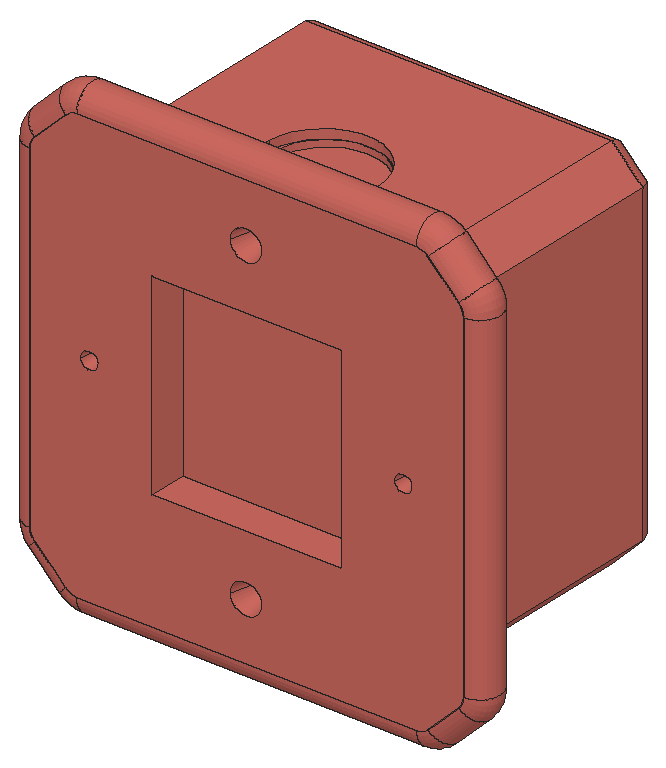
Revit family "Sirene Audiovisual SAVQI ILUMAC", category Dispositivos de alarme de incêndio, Revit 2022
Family settings
  Cota do conector redondo = Utilizar diâmetro
  Tipo de parte = Normal
  Número OmniClass = 23.75.00.00
  Título OmniClass = Climate Control (HVAC)
  Com base no plano de trabalho = Não
  Sempre na vertical = Sim
  Corte com vazios quando carregada = Não
  Manter orientação da anotação = Não
  Compartilhado = Não
  Ponto de cálculo do ambiente = Não
Parameters (values of type "SAVQI-G - SOBREPOR")
  Umidade relativa = "0 à 95% (sem condensação)"
  Tensão nominal = "24Vcc"
  Tensão de operação = "20 à 30Vcc"
  Temperatura de operação = "-5ºC à 55ºC"
  Sinalização visual = "4 leds | Pisca na cor vermelha"
  Sinalização sonora = "103dB @ 1m – bitonal"
  Secção máxima do cabo = "2,5mm²"
  Protocolo de comunicação = "CYGNUS (proprietário)"
  Peso = "200g"
  Normas técnicas aplicáveis = "NBR 17240 | ISO 7240-3 | ISO 7240-23"
  Modelo = "SAVQI-G – SOBREPOR"
  Material da caixa = "Caixa plástica ABS na cor vermelho"
  Grau de proteção = "IP20 (uso interno)"
  Fixação = "Sobrepor c/ entrada superior/inferior para tubo 3/4“"
  Família desenvolvida por = "BIMPREV | @bimprev | suporte@bimprev.com"
  Fabricante = "ILUMAC"
  Esc. Símbolo - 1/50-75 [instance] = yes
  Esc. Símbolo - 1/100-200 [instance] = yes
  Endereços utilizados = "1 endereço"
  Endereços programáveis = "001 a 125 (por laço)"
  Elevação padrão = 0 mm
  Dimensões (AxLxP) = "90x90x65mm"
  Descrição = "Sirene Audiovisual Endereçável Cygnus SAVQI-G de sobrepor"
  Código do Produto = "0030017"
  Consumo do laço endereçável = ""
  Consumo = "800uA em supervisão | 8mA em alarme (±10%)"
  Adaptador ADAPT-Q (com/sem) = yes
Types (4, lengths in mm): name | Tensão de operação | Protocolo de comunicação | Modelo | Fixação | Descrição | Código do Produto | Consumo do laço endereçável | Consumo | Adaptador ADAPT-Q (com/sem)
  SAVQI-D – SOBREPOR | "18 à 30Vcc" | "ALF-1000-2 (proprietário)" | "SAVQI-D – SOBREPOR" | "Sobrepor c/ entrada superior/inferior para tubo 3/4“" | "Sirene Audiovisual Endereçável Sirius SAVQI-D de sobrepor" | "0040017" | "300uA em supervisão | 10mA em alarme" | "12mA em alarme" | no
  SAVQI-D – EMBUTIR | "18 à 30Vcc" | "ALF-1000-2 (proprietário)" | "SAVQI-D – EMBUTIR" | "Embutido c/ o uso do acessório ADAPT-Q" | "Sirene Audiovisual Endereçável Sirius SAVQI-D de embutir" | "0040018" | "300uA em supervisão | 10mA em alarme" | "12mA em alarme" | yes
  SAVQI-G - EMBUTIR | "20 à 30Vcc" | "CYGNUS (proprietário)" | "SAVQI-G – EMBUTIR" | "Embutido c/ o uso do acessório ADAPT-Q" | "Sirene Audiovisual Endereçável Cygnus SAVQI-G de embutir" | "0030018" | "" | "800uA em supervisão | 8mA em alarme (±10%)" | yes
  SAVQI-G - SOBREPOR | "20 à 30Vcc" | "CYGNUS (proprietário)" | "SAVQI-G – SOBREPOR" | "Sobrepor c/ entrada superior/inferior para tubo 3/4“" | "Sirene Audiovisual Endereçável Cygnus SAVQI-G de sobrepor" | "0030017" | "" | "800uA em supervisão | 8mA em alarme (±10%)" | yes
Reference planes
  plane 1 "Centro (Frente/Trás)": y = 0
  plane 2: z = 0
  plane 3 "Centro (Esquerda/Direita)": x = 0
  plane 4: y = 14.353
Forms (mm)
  Extrusion 1, void
    sketch origin (-38.044, 0, 1.384) x (-1, 0, 0) y (0, -1, 0)
      loop
        line (-24.544, 0) -> (-51.544, 0) -> (-51.544, -14.013)
        arc (-51.544, -14.013) -> (-38.044, -27.513) -> (-24.544, -14.013) r 13.5
        line (-24.544, -14.013) -> (-24.544, 0)
    from -0.414 to 0.677
  Extrusion 2, void
    sketch origin (38.018, -0.563, 91.384) x (0, -1, 0) y (-1, 0, 0)
      loop
        line (0, 24.518) -> (0, 51.518) -> (-14.211, 51.518)
        arc (-14.211, 51.518) -> (-27.416, 38.018) -> (-14.211, 24.518) r 13.503
        line (-14.211, 24.518) -> (0, 24.518)
    from -1.476 to 0.727
  Extrusion 3, solid, material "Laminado, Branco", detail levels fine
    sketch origin (-14.559, 59.437, -0.179) x (1, 0, 0) y (0, 0, -1)
      loop
        line (53.048, -55.563) -> (51.278, -55.563) -> (51.278, -58.76) -> (47.634, -58.76) -> (47.634, -60.173) -> (51.278, -60.173) -> (51.278, -61.151) -> (47.634, -61.151) -> (47.634, -62.733) -> (53.048, -62.733) -> (53.048, -55.563)
      loop
        circle (50.732, -49.978) r 3.585
      loop
        circle (50.732, -49.978) r 2.496
      loop
        circle (50.732, -31.638) r 3.585
      loop
        circle (50.732, -31.638) r 2.496
      loop
        arc (47.425, -42.193) -> (53.716, -42.794) -> (50.732, -37.223) r 3.585
        spline (50.732, -37.223) -> (50.365, -37.229) -> (50.018, -37.248) -> (49.691, -37.278) -> (49.384, -37.321) -> (49.096, -37.376) -> (48.828, -37.442) -> (48.58, -37.522) -> (48.351, -37.613) -> (48.143, -37.716) -> (47.953, -37.832) -> (47.784, -37.96) -> (47.634, -38.1)
        line (47.634, -38.1) -> (47.634, -40.808) -> (49.965, -40.808) -> (49.965, -39.809)
        spline (49.965, -39.809) -> (49.702, -39.814) -> (49.474, -39.803) -> (49.279, -39.776) -> (49.119, -39.732) -> (48.993, -39.671) -> (48.901, -39.594) -> (48.842, -39.501) -> (48.819, -39.39) -> (48.829, -39.263) -> (48.873, -39.12) -> (48.951, -38.96) -> (49.064, -38.783)
        line (49.064, -38.783) -> (50.551, -38.319)
        arc (50.551, -38.319) -> (52.43, -41.639) -> (48.655, -42.193) r 2.312
        line (48.655, -42.193) -> (47.425, -42.193)
      loop
        line (-18.864, -55.563) -> (-20.634, -55.563) -> (-20.634, -58.76) -> (-24.277, -58.76) -> (-24.277, -60.173) -> (-20.634, -60.173) -> (-20.634, -61.151) -> (-24.277, -61.151) -> (-24.277, -62.733) -> (-18.864, -62.733) -> (-18.864, -55.563)
      loop
        circle (-21.18, -49.978) r 3.585
      loop
        circle (-21.18, -49.978) r 2.496
      loop
        circle (-21.18, -31.638) r 3.585
      loop
        circle (-21.18, -31.638) r 2.496
      loop
        arc (-24.487, -42.193) -> (-18.195, -42.794) -> (-21.18, -37.223) r 3.585
        spline (-21.18, -37.223) -> (-21.547, -37.229) -> (-21.894, -37.248) -> (-22.221, -37.278) -> (-22.528, -37.321) -> (-22.816, -37.376) -> (-23.084, -37.442) -> (-23.332, -37.522) -> (-23.56, -37.613) -> (-23.769, -37.716) -> (-23.958, -37.832) -> (-24.128, -37.96) -> (-24.277, -38.1)
        line (-24.277, -38.1) -> (-24.277, -40.808) -> (-21.947, -40.808) -> (-21.947, -39.809)
        spline (-21.947, -39.809) -> (-22.21, -39.814) -> (-22.438, -39.803) -> (-22.633, -39.776) -> (-22.793, -39.732) -> (-22.919, -39.671) -> (-23.011, -39.594) -> (-23.069, -39.501) -> (-23.093, -39.39) -> (-23.083, -39.263) -> (-23.039, -39.12) -> (-22.961, -38.96) -> (-22.848, -38.783)
        line (-22.848, -38.783) -> (-21.361, -38.319)
        arc (-21.361, -38.319) -> (-19.482, -41.639) -> (-23.256, -42.193) r 2.312
        line (-23.256, -42.193) -> (-24.487, -42.193)
    from 0 to 1
  Extrusion 4, solid, material "Laminado, Branco", detail levels fine
    sketch origin (-0.313, 61.437, 54.83) x (0, 0, -1) y (-1, 0, 0)
      loop
        spline (-10.835, -10.668) -> (-7.618, -11.531) -> (-4.563, -12.027) -> (-1.664, -12.173) -> (1.084, -11.985) -> (3.683, -11.479) -> (6.14, -10.672) -> (8.459, -9.579) -> (10.645, -8.217) -> (12.701, -6.603) -> (14.633, -4.751) -> (16.446, -2.679) -> (18.143, -0.403)
        spline (18.143, -0.403) -> (16.45, 1.867) -> (14.642, 3.934) -> (12.715, 5.78) -> (10.664, 7.391) -> (8.484, 8.749) -> (6.172, 9.839) -> (3.721, 10.644) -> (1.128, 11.149) -> (-1.612, 11.336) -> (-4.504, 11.191) -> (-7.551, 10.696) -> (-10.76, 9.836)
        spline (-10.76, 9.836) -> (-10.897, 8.127) -> (-11.011, 6.418) -> (-11.101, 4.71) -> (-11.167, 3.001) -> (-11.209, 1.292) -> (-11.227, -0.416) -> (-11.222, -2.125) -> (-11.192, -3.834) -> (-11.139, -5.542) -> (-11.061, -7.251) -> (-10.96, -8.959) -> (-10.835, -10.668)
      loop
        circle (-4.732, 0.384) r 4.161
      loop
        circle (-4.654, 0.384) r 3.307
      loop
        spline (-9.584, -9.744) -> (-6.603, -10.562) -> (-3.789, -11.035) -> (-1.136, -11.184) -> (1.367, -11.028) -> (3.728, -10.584) -> (5.957, -9.867) -> (8.064, -8.888) -> (10.058, -7.658) -> (11.949, -6.189) -> (13.739, -4.493) -> (15.43, -2.583) -> (17.025, -0.47)
        spline (17.025, -0.47) -> (15.406, 1.578) -> (13.695, 3.431) -> (11.889, 5.078) -> (9.988, 6.508) -> (7.988, 7.709) -> (5.88, 8.671) -> (3.656, 9.384) -> (1.306, 9.837) -> (-1.178, 10.018) -> (-3.805, 9.911) -> (-6.581, 9.498) -> (-9.516, 8.762)
        spline (-9.516, 8.762) -> (-9.64, 7.22) -> (-9.743, 5.678) -> (-9.824, 4.136) -> (-9.883, 2.594) -> (-9.921, 1.051) -> (-9.938, -0.491) -> (-9.932, -2.033) -> (-9.906, -3.575) -> (-9.858, -5.117) -> (-9.788, -6.659) -> (-9.697, -8.201) -> (-9.584, -9.744)
      loop
        line (-0.652, 6.725) -> (-1.206, 4.912) -> (-0.002, 4.589) -> (-0.002, -5.556)
        spline (-0.002, -5.556) -> (0.713, -5.041) -> (1.222, -4.85) -> (1.615, -4.805) -> (2.076, -4.835) -> (2.701, -4.9) -> (3.464, -5.009) -> (4.325, -5.176) -> (5.25, -5.406) -> (6.249, -5.648) -> (7.359, -5.812) -> (8.613, -5.811) -> (10.048, -5.556)
        spline (10.048, -5.556) -> (10.562, -5.39) -> (11.069, -5.17) -> (11.567, -4.899) -> (12.057, -4.577) -> (12.538, -4.207) -> (13.01, -3.789) -> (13.471, -3.326) -> (13.922, -2.819) -> (14.361, -2.27) -> (14.788, -1.68) -> (15.204, -1.05) -> (15.606, -0.383)
        spline (15.606, -0.383) -> (14.678, 0.998) -> (13.685, 2.255) -> (12.626, 3.383) -> (11.499, 4.375) -> (10.303, 5.226) -> (9.031, 5.93) -> (7.674, 6.483) -> (6.225, 6.879) -> (4.675, 7.113) -> (3.017, 7.173) -> (1.244, 7.048) -> (-0.652, 6.725)
      loop
        spline (1.469, -3.781) -> (2.345, -3.697) -> (3.147, -3.727) -> (3.874, -3.834) -> (4.525, -3.981) -> (5.107, -4.138) -> (5.643, -4.296) -> (6.164, -4.446) -> (6.695, -4.582) -> (7.271, -4.692) -> (7.951, -4.752) -> (8.802, -4.728) -> (9.894, -4.59)
        spline (9.894, -4.59) -> (10.122, -4.585) -> (10.339, -4.558) -> (10.545, -4.509) -> (10.74, -4.438) -> (10.925, -4.345) -> (11.098, -4.229) -> (11.261, -4.091) -> (11.413, -3.931) -> (11.554, -3.749) -> (11.684, -3.545) -> (11.803, -3.318) -> (11.911, -3.069)
        line (11.911, -3.069) -> (11.778, 2.929)
        arc (11.778, 2.929) -> (10.568, 3.311) -> (9.947, 2.203) r 1.006
        arc (9.947, 2.203) -> (8.779, 1.555) -> (7.445, 1.493) r 2.929
        line (7.445, 1.493) -> (2.711, 2.369)
        arc (2.711, 2.369) -> (1.848, 2.144) -> (1.469, 1.336) r 1.051
        line (1.469, 1.336) -> (1.469, -3.781)
    from 0 to 1
  Extrusion 5, solid, material "vidro vermelho", detail levels fine
    sketch origin (29.831, 145.344, 6.607) x (0, 1, 0) y (0, 0, -1)
      loop
        line (-100.417, -17.113) -> (-83.567, -17.113) -> (-77.609, -9.352)
        arc (-77.609, -9.352) -> (-76.65, -6.511) -> (-77.94, -3.804) r 3.99
        line (-77.94, -3.804) -> (-85.369, 2.431)
        arc (-85.369, 2.431) -> (-88.888, 5.501) -> (-93.424, 6.607) r 9.858
        line (-93.424, 6.607) -> (-100.417, 6.607) -> (-100.417, -17.113)
    from -1.893 to 61.925
  Extrusion 6, void
    sketch origin (0, 54.815, 46.384) x (-1, 0, 0) y (0, 0, -1)
      loop
        line (-29.831, 25.98) -> (30.114, 25.98) -> (30.114, 46.384) -> (-29.831, 46.384) -> (-29.831, 25.98)
    from 0 to 17.341
  Sweep 7, solid, material "ABS PLASTICO", detail levels fine
    path origin (-0.006, 60, 47.915) x (1, 0, 0) y (0, 0, -1)
      loop
        line (37.012, 47) -> (-37, 47) -> (-45, 39) -> (-45, -37) -> (-37, -45) -> (37.012, -45) -> (44.642, -37.37) -> (44.642, 39.37) -> (37.012, 47)
    profile origin (0, 60, 0.914) x (0, 0, 1) y (0, 1, 0)
      loop
        line (12.912, -0.563) -> (6.245, -0.563)
        arc (6.245, -0.563) -> (2.205, -2.033) -> (0.055, -5.756) r 6.285
        line (0.055, -5.756) -> (0.055, -60) -> (12.912, -60) -> (12.912, -0.563)
  Sweep 8, solid, material "ABS PLASTICO", detail levels fine
    path origin (-0.006, 60, 47.915) x (1, 0, 0) y (0, 0, -1)
      loop
        line (-25.765, -22.088) -> (25.777, -22.088) -> (25.777, 15.853) -> (-25.765, 15.853) -> (-25.765, -22.088)
    profile origin (0, 60, 70.003) x (0, 0, -1) y (0, 1, 0)
      loop
        line (5.055, 0.8) -> (3.055, 0.8)
        arc (3.055, 0.8) -> (0.934, -0.079) -> (0.055, -2.2) r 3
        line (0.055, -2.2) -> (0.055, -3.611)
        arc (0.055, -3.611) -> (0.934, -5.732) -> (3.055, -6.611) r 3
        line (3.055, -6.611) -> (5.055, -6.611) -> (5.055, 0.8)
  Extrusion 9, void
    sketch origin (-20.716, 53.389, 64.948) x (-1, 0, 0) y (0, 0, 1)
      loop
        line (5, 5) -> (2, 5)
        arc (2, 5) -> (4.121, 4.121) -> (5, 2) r 3
        line (5, 2) -> (5, 5)
      loop
        line (-46.432, 5) -> (-46.432, 2)
        arc (-46.432, 2) -> (-45.553, 4.121) -> (-43.432, 5) r 3
        line (-43.432, 5) -> (-46.432, 5)
      loop
        line (5, -32.83) -> (5, -29.83)
        arc (5, -29.83) -> (4.121, -31.952) -> (2, -32.83) r 3
        line (2, -32.83) -> (5, -32.83)
      loop
        line (-46.432, -32.83) -> (-43.432, -32.83)
        arc (-43.432, -32.83) -> (-45.553, -31.952) -> (-46.432, -29.83) r 3
        line (-46.432, -29.83) -> (-46.432, -32.83)
    from -2.393 to 10
  Extrusion 10, solid, material "ABS PLASTICO", detail levels fine
    sketch origin (-20.716, 53.389, 64.948) x (1, 0, 0) y (0, 0, 1)
      loop
        line (41.432, 0) -> (0, 0) -> (0, -27.83) -> (41.432, -27.83) -> (41.432, 0)
    from -7.41 to 0
  Sweep 11, solid, material "ABS PLASTICO", detail levels fine
    path origin (-0.006, 58.637, 47.915) x (1, 0, 0) y (0, 0, -1)
      loop
        line (-32.088, -28.088) -> (31.73, -28.088) -> (31.73, 21.811) -> (-32.088, 21.811) -> (-32.088, -28.088)
    profile origin (-0.185, 58.637, 76.003) x (0, 0, -1) y (0, 1, 0)
      loop
        line (0.055, -6.611) -> (4.116, -6.611) -> (4.116, -2.2)
        arc (4.116, -2.2) -> (3.237, -0.079) -> (1.116, 0.8) r 3
        line (1.116, 0.8) -> (0.055, 0.8) -> (0.055, -6.611)
  Extrusion 12, solid, material "ABS PLASTICO", detail levels fine
    sketch origin (-0.618, -0.563, 45.886) x (-1, 0, 0) y (0, 0, 1)
      loop
        line (-32.342, 34.116) -> (-32.342, -32.06) -> (31.476, -32.06) -> (31.476, 34.116) -> (-32.342, 34.116)
    from 0 to 52.59
  Extrusion 13, solid, material "ABS PLASTICO", detail levels fine
    sketch origin (-0.618, 52.027, 45.886) x (-1, 0, 0) y (0, 0, 1)
      loop
        line (-32.276, 34.116) -> (-32.276, 30.061) -> (31.476, 30.061) -> (31.476, 34.116) -> (-32.276, 34.116)
      loop
        line (-32.342, -19.728) -> (-32.342, -32.06) -> (-30.449, -32.06) -> (29.497, -32.06) -> (31.476, -32.06) -> (31.476, -19.728) -> (-32.342, -19.728)
    from 0 to 7.41
  Extrusion 14, void
    sketch origin (0, 0, 0) x (1, 0, 0) y (0, 1, 0)
      loop
        circle (0, 14.353) r 12.5
    from 89 to 90.656
  Extrusion 15, void
    sketch origin (0, 0, 93.829) x (0, -1, 0) y (1, 0, 0)
      loop
        circle (-14.353, 0) r 12.5
    from -91.769 to -90.847
Cuts and joins
  Extrusion 1, Extrusion 2, Extrusion 14, Extrusion 15 cuts Sweep 7
  Extrusion 14 cuts Extrusion 12
  Extrusion 9 cuts Sweep 8
Lines and regions (mm)
  model lines, style "INCÊNDIO", detail levels coarse+medium
    curve 1: line (68.18, 14.353, 0) -> (-68.18, 14.353, 0)
    curve 2: line (-68.18, 14.353, 0) -> (-38.078, 14.353, 82.705)
    curve 3: line (68.18, 14.353, 0) -> (38.078, 14.353, 82.705)
    curve 4: line (38.078, 14.353, 82.705) -> (-38.078, 14.353, 82.705)
    curve 5: line (41.263, 14.353, 51.352) -> (16.263, 14.353, 51.352)
    curve 6: line (41.263, 14.353, 26.352) -> (41.263, 14.353, 51.352)
    curve 7: line (16.263, 14.353, 26.352) -> (41.263, 14.353, 26.352)
    curve 8: line (16.263, 14.353, 51.352) -> (16.263, 14.353, 26.352)
    curve 9: line (16.263, 14.353, 38.852) -> (-5.387, 14.353, 51.352)
    curve 10: line (16.263, 14.353, 38.852) -> (-5.387, 14.353, 26.352)
    curve 11: line (-5.387, 14.353, 26.352) -> (-5.387, 14.353, 51.352)
    curve 12: line (-16.183, 14.353, 8.852) -> (-35.871, 14.353, 8.852)
    curve 13: line (-16.183, 14.353, 53.852) -> (-16.183, 14.353, 8.852)
    curve 14: line (-35.871, 14.353, 53.852) -> (-16.183, 14.353, 53.852)
    curve 15: line (-35.871, 14.353, 8.852) -> (-35.871, 14.353, 53.852)
    curve 16: circle (-26.027, 14.353, 63.696) r 9.844 normal (0, -1, 0)
  model lines, style "INCÊNDIO", not visible, detail levels coarse+medium
    curve 17: line (-71.469, 14.353, -38.852) -> (-207.829, 14.353, -38.852)
    curve 18: line (-207.829, 14.353, -38.852) -> (-177.727, 14.353, 43.852)
    curve 19: line (-71.469, 14.353, -38.852) -> (-101.571, 14.353, 43.852)
    curve 20: line (-101.571, 14.353, 43.852) -> (-177.727, 14.353, 43.852)
    curve 21: line (-98.386, 14.353, 12.5) -> (-123.386, 14.353, 12.5)
    curve 22: line (-98.386, 14.353, -12.5) -> (-98.386, 14.353, 12.5)
    curve 23: line (-123.386, 14.353, -12.5) -> (-98.386, 14.353, -12.5)
    curve 24: line (-123.386, 14.353, 12.5) -> (-123.386, 14.353, -12.5)
    curve 25: line (-123.386, 14.353, 0) -> (-145.037, 14.353, 12.5)
    curve 26: line (-123.386, 14.353, 0) -> (-145.037, 14.353, -12.5)
    curve 27: line (-145.037, 14.353, -12.5) -> (-145.037, 14.353, 12.5)
    curve 28: line (-155.832, 14.353, -30) -> (-175.52, 14.353, -30)
    curve 29: line (-155.832, 14.353, 15) -> (-155.832, 14.353, -30)
    curve 30: line (-175.52, 14.353, 15) -> (-155.832, 14.353, 15)
    curve 31: line (-175.52, 14.353, -30) -> (-175.52, 14.353, 15)
    curve 32: circle (-165.676, 14.353, 24.844) r 9.844 normal (0, -1, 0)
Dimensions and locks
  aligned and locked: level to plane 2
Nested families
  nested 1: "Anotação Avisador audiovisual 1-50" at (0, -0.563, 0), visible <- "Esc. Símbolo - 1/50-75", type "Anotação Avisador audiovisual 1-50", detail levels coarse+medium
    with Esc. Símbolo - 1/50~75 yes, Desloc. Frente 0 mm, Desloc. Esquerda 0 mm
  nested 2: "Anotação Avisador audiovisual 1-100" at (0, 0, 0), visible <- "Esc. Símbolo - 1/100-200", type "Anotação Avisador audiovisual 1-100", detail levels coarse+medium
    with Esc. Símbolo - 1/100~200 yes, Desloc. Frente 0 mm, Desloc. Esquerda 0.009 mm
  nested 3: "Adaptador ADAPT-Q" at (0, -10, -814.599), visible <- "Adaptador ADAPT-Q (com/sem)", type "ADAPT-Q", detail levels fine
Connectors
  cabletrayconduit at (0, 14.353, 2.982), diameter 25
    settings: on cut or joined group of Extrusion 1, Extrusion 2, Sweep 7, Extrusion 14, Extrusion 15, index 1, connector width 300 mm, connector height 300 mm, connector angle 0.00°, system type 32, placement type 0, profile type 0, connector reference index -1, is primary connector yes, connector utility param no, connector description ""
  cabletrayconduit at (0, 14.353, 89), diameter 25
    settings: on cut or joined group of Extrusion 1, Extrusion 2, Sweep 7, Extrusion 14, Extrusion 15, index 2, connector width 300 mm, connector height 300 mm, connector angle 0.00°, system type 32, placement type 0, profile type 0, connector reference index -1, is primary connector no, connector utility param no, connector description ""
Definition of nested family "Adaptador ADAPT-Q"
  Parameters (values of type "ADAPT-Q")
    Default Elevation = 0 mm
  Reference planes
    plane 1 "Centro (Frente/Trás)": y = 0
    plane 2: z = 0
    plane 3 "Centro (Esquerda/Direita)": x = 0
  Forms (mm)
    Sweep 1, solid
      path origin (1917.596, 10, 0) x (1, 0, 0) y (0, 0, 1)
        loop
          arc (-1958.794, 919.013) -> (-1962.18, 918.34) -> (-1965.05, 916.422) r 8.846
          line (-1965.05, 916.422) -> (-1972.505, 908.967)
          arc (-1972.505, 908.967) -> (-1974.423, 906.097) -> (-1975.096, 902.712) r 8.846
          line (-1975.096, 902.712) -> (-1975.096, 820.315)
          arc (-1975.096, 820.315) -> (-1974.423, 816.93) -> (-1972.505, 814.06) r 8.846
          line (-1972.505, 814.06) -> (-1965.05, 806.604)
          arc (-1965.05, 806.604) -> (-1962.18, 804.687) -> (-1958.794, 804.013) r 8.846
          line (-1958.794, 804.013) -> (-1876.398, 804.013)
          arc (-1876.398, 804.013) -> (-1873.012, 804.687) -> (-1870.142, 806.604) r 8.846
          line (-1870.142, 806.604) -> (-1862.687, 814.06)
          arc (-1862.687, 814.06) -> (-1860.769, 816.93) -> (-1860.096, 820.315) r 8.846
          line (-1860.096, 820.315) -> (-1860.096, 902.712)
          arc (-1860.096, 902.712) -> (-1860.769, 906.097) -> (-1862.687, 908.967) r 8.846
          line (-1862.687, 908.967) -> (-1870.142, 916.422)
          arc (-1870.142, 916.422) -> (-1873.012, 918.34) -> (-1876.398, 919.013) r 8.846
          line (-1876.398, 919.013) -> (-1958.794, 919.013)
      profile origin (0, 10, 919.013) x (0, 0, 1) y (0, -1, 0)
        loop
          arc (-4.988, 0) -> (0.012, 5) -> (-4.988, 10) r 5
          line (-4.988, 10) -> (-4.988, 0)
    Extrusion 2, solid
      sketch origin (1917.596, 10, 0) x (1, 0, 0) y (0, 0, 1)
        loop
          arc (-1865.084, 902.712) -> (-1865.378, 904.188) -> (-1866.214, 905.44) r 3.858
          line (-1866.214, 905.44) -> (-1873.67, 912.895)
          arc (-1873.67, 912.895) -> (-1874.921, 913.732) -> (-1876.398, 914.025) r 3.858
          line (-1876.398, 914.025) -> (-1958.794, 914.025)
          arc (-1958.794, 914.025) -> (-1960.271, 913.732) -> (-1961.523, 912.895) r 3.858
          line (-1961.523, 912.895) -> (-1968.978, 905.44)
          arc (-1968.978, 905.44) -> (-1969.814, 904.188) -> (-1970.108, 902.712) r 3.858
          line (-1970.108, 902.712) -> (-1970.108, 820.315)
          arc (-1970.108, 820.315) -> (-1969.814, 818.838) -> (-1968.978, 817.587) r 3.858
          line (-1968.978, 817.587) -> (-1961.523, 810.131)
          arc (-1961.523, 810.131) -> (-1960.271, 809.295) -> (-1958.794, 809.001) r 3.858
          line (-1958.794, 809.001) -> (-1876.398, 809.001)
          arc (-1876.398, 809.001) -> (-1874.921, 809.295) -> (-1873.67, 810.131) r 3.858
          line (-1873.67, 810.131) -> (-1866.214, 817.587)
          arc (-1866.214, 817.587) -> (-1865.378, 818.838) -> (-1865.084, 820.315) r 3.858
          line (-1865.084, 820.315) -> (-1865.084, 902.712)
      from 0 to 10
    Blend 3, void
      base sketch origin (1917.596, 10, 0) x (1, 0, 0) y (0, 0, 1)
        loop
          circle (-1917.63, 823.106) r 3.771
      top sketch origin (1917.596, 10, 0) x (1, 0, 0) y (0, 0, 1)
        loop
          circle (-1917.63, 823.106) r 1.604
      from 10 to 0
    Blend 4, void
      base sketch origin (1917.596, 10, 1723.027) x (1, 0, 0) y (0, 0, 1)
        loop
          circle (-1917.63, -823.106) r 3.771
      top sketch origin (1917.596, 10, 1723.027) x (1, 0, 0) y (0, 0, 1)
        loop
          circle (-1917.63, -823.106) r 1.604
      from 10 to 0
    Blend 5, void
      base sketch origin (1917.596, 10, 0) x (1, 0, 0) y (0, 0, 1)
        loop
          circle (-1879.565, 861.513) r 2.101
      top sketch origin (1917.596, 10, 0) x (1, 0, 0) y (0, 0, 1)
        loop
          circle (-1879.565, 861.513) r 0.817
      from 10 to 0
    Blend 6, void
      base sketch origin (-1917.596, 10, 0) x (-1, 0, 0) y (0, 0, -1)
        loop
          circle (-1879.565, -861.513) r 2.101
      top sketch origin (-1917.596, 10, 0) x (-1, 0, 0) y (0, 0, -1)
        loop
          circle (-1879.565, -861.513) r 0.817
      from 10 to 0
    Extrusion 7, void
      sketch origin (1917.596, 10, 0) x (1, 0, 0) y (0, 0, 1)
        loop
          line (-1894.6, 885.307) -> (-1940.592, 885.307) -> (-1940.592, 837.719) -> (-1894.6, 837.719) -> (-1894.6, 885.307)
      from 0 to 10
  Cuts and joins
    Blend 3, Blend 4, Blend 5, Blend 6, Extrusion 7 cuts Extrusion 2
    Blend 3 cuts Sweep 1
  Dimensions and locks
    aligned and locked: level to plane 2
Definition of nested family "Anotação Avisador audiovisual 1-50"
  Parameters (values of type "Anotação Avisador audiovisual 1-50")
    Esc. Símbolo - 1/50~75 [instance] = yes
    Desloc. Frente [instance] = 0 mm
    Desloc. Esquerda [instance] = 0 mm
  Reference planes
    plane 1: y = 0
    plane 2: x = 0
  Lines and regions (mm)
    Filled region 1, type "Região preenchida Incêndio"
      outline origin (0, 0, 0) x (1, 0, 0) y (0, 1, 0)
        loop
          line (1.585, 4.407) -> (1.585, 1.424) -> (2.768, 1.424) -> (2.768, 4.407) -> (1.585, 4.407)
    Filled region 2, type "Região preenchida Incêndio", not visible
      outline origin (0, 0, 0) x (1, 0, 0) y (0, 1, 0)
        loop
          line (1.897, 4.407) -> (1.897, 1.424) -> (3.081, 1.424) -> (3.081, 4.407) -> (1.897, 4.407)
    Masking region 1
      outline origin (0, 0, 0) x (1, 0, 0) y (0, 1, 0)
        loop
          line (-4.982, 0) -> (5.018, 0) -> (3.207, 7) -> (-3.207, 7) -> (-4.982, 0)
    detail lines
      curve 1: line (-4.982, 0, 0) -> (5.018, 0, 0)
      curve 2: line (-4.982, 0, 0) -> (-3.207, 7, 0)
      curve 3: line (5.018, 0, 0) -> (3.207, 7, 0)
      curve 4: line (-3.207, 7, 0) -> (3.207, 7, 0)
      curve 5: line (-2.968, 2.407, 0) -> (-2.968, 4.407, 0)
      curve 6: line (-2.968, 4.407, 0) -> (-0.968, 4.407, 0)
      curve 7: line (-0.968, 4.407, 0) -> (-0.968, 2.407, 0)
      curve 8: line (-0.968, 2.407, 0) -> (-2.968, 2.407, 0)
      curve 9: line (-0.968, 3.407, 0) -> (0.266, 4.407, 0)
      curve 10: line (0.266, 4.407, 0) -> (0.266, 2.407, 0)
      curve 11: line (0.266, 2.407, 0) -> (-0.968, 3.393, 0)
      curve 12: line (1.585, 1.424, 0) -> (2.768, 1.424, 0)
      curve 13: line (2.768, 1.424, 0) -> (2.768, 4.407, 0)
      curve 14: line (2.768, 4.407, 0) -> (1.585, 4.407, 0)
      curve 15: line (1.585, 4.407, 0) -> (1.585, 1.424, 0)
      curve 16: circle (2.163, 4.905, 0) r 0.5 normal (0, 0, 1)
    detail lines, not visible
      curve 17: line (0, 0.818, 0) -> (0, 0, 0)
      curve 18: line (-4.669, 0, 0) -> (5.331, 0, 0)
      curve 19: line (-4.669, 0, 0) -> (-2.894, 7, 0)
      curve 20: line (5.331, 0, 0) -> (3.519, 7, 0)
      curve 21: line (-2.894, 7, 0) -> (3.519, 7, 0)
      curve 22: line (-2.655, 2.407, 0) -> (-2.655, 4.407, 0)
      curve 23: line (-2.655, 4.407, 0) -> (-0.655, 4.407, 0)
      curve 24: line (-0.655, 4.407, 0) -> (-0.655, 2.407, 0)
      curve 25: line (-0.655, 2.407, 0) -> (-2.655, 2.407, 0)
      curve 26: line (-0.655, 3.407, 0) -> (0.579, 4.407, 0)
      curve 27: line (0.579, 4.407, 0) -> (0.579, 2.407, 0)
      curve 28: line (0.579, 2.407, 0) -> (-0.655, 3.393, 0)
      curve 29: line (1.897, 1.424, 0) -> (3.081, 1.424, 0)
      curve 30: line (3.081, 1.424, 0) -> (3.081, 4.407, 0)
      curve 31: line (3.081, 4.407, 0) -> (1.897, 4.407, 0)
      curve 32: line (1.897, 4.407, 0) -> (1.897, 1.424, 0)
      curve 33: circle (2.476, 4.905, 0) r 0.5 normal (0, 0, 1)
      curve 34: line (0.312, 0.818, 0) -> (0.312, 0, 0)
  Dimensions and locks
    "Desloc. Esquerda": curve 17 to plane 2
    "Desloc. Frente": plane 1 to curve 1
  Automatic sketch dimensions
    Filled region 1 sketch curve to Filled region 1 sketch curve = 1.183 mm
    Filled region 1 sketch curve to Filled region 1 sketch curve = 2.982 mm
    Filled region 2 sketch curve to Filled region 2 sketch curve = 1.183 mm
    Filled region 2 sketch curve to Filled region 2 sketch curve = 2.982 mm
    plane 1 to curve 1 = 0 mm
    curve 17 to plane 2 = 0 mm
    curve 16 to plane 1 = 4.905 mm
    curve 9 to plane 2 = 0.968 mm
    curve 6 to curve 6 = 2 mm
    curve 4 to curve 5 = 0.239 mm
    curve 1 to curve 5 = 2.014 mm
    plane 2 to curve 9 = 0.266 mm
    curve 14 to curve 16 = 0.578 mm
    plane 2 to curve 15 = 1.585 mm
    curve 16 to curve 14 = 0.605 mm
    curve 16 to curve 3 = 1.044 mm
    curve 12 to curve 3 = 2.25 mm
    curve 17 to plane 1 = 0.818 mm
    curve 15 to plane 1 = 1.424 mm
    curve 5 to plane 1 = 2.407 mm
    curve 17 to curve 10 = 1.589 mm
    curve 7 to curve 11 = 0.986 mm
    curve 11 to curve 9 = 0.014 mm
    curve 9 to curve 10 = 1 mm
    curve 15 to curve 16 = 0.498 mm
    curve 9 to curve 7 = 1 mm
    curve 16 to curve 4 = 2.095 mm
    plane 2 to Filled region 1 sketch curve = 1.585 mm
    Filled region 1 sketch curve to plane 1 = 1.424 mm
    Masking region 1 sketch curve to plane 2 = 3.207 mm
    Masking region 1 sketch curve to plane 1 = 7 mm
    Masking region 1 sketch curve to plane 2 = 4.982 mm
    plane 2 to Masking region 1 sketch curve = 3.207 mm
    plane 1 to Masking region 1 sketch curve = 0 mm
    plane 2 to Masking region 1 sketch curve = 5.018 mm
    radius of curve 16 = 0.5 mm
Definition of nested family "Anotação Avisador audiovisual 1-100"
  Parameters (values of type "Anotação Avisador audiovisual 1-100")
    Esc. Símbolo - 1/100~200 [instance] = yes
    Desloc. Frente [instance] = 0 mm
    Desloc. Esquerda [instance] = 0.009 mm
  Reference planes
    plane 1: y = 0
    plane 2: x = 0
  Lines and regions (mm)
    Filled region 1, type "Região preenchida Incêndio"
      outline origin (-1.002, -2.004, 0) x (1, 0, 0) y (0, 1, 0)
        loop
          line (1.585, 4.407) -> (1.585, 2.907) -> (2.388, 2.907) -> (2.388, 4.407) -> (1.585, 4.407)
    Filled region 2, type "Região preenchida Incêndio", not visible
      outline origin (-1.002, -2.004, 0) x (1, 0, 0) y (0, 1, 0)
        loop
          line (1.897, 4.407) -> (1.897, 2.907) -> (2.701, 2.907) -> (2.701, 4.407) -> (1.897, 4.407)
    Masking region 1
      outline origin (0, 0, 0) x (1, 0, 0) y (0, 1, 0)
        loop
          line (-2.491, 0) -> (2.491, 0) -> (1.588, 3.487) -> (-1.607, 3.487) -> (-2.491, 0)
    detail lines
      curve 1: line (-2.491, 0, 0) -> (2.491, 0, 0)
      curve 2: line (-2.491, 0, 0) -> (-1.607, 3.487, 0)
      curve 3: line (2.491, 0, 0) -> (1.588, 3.487, 0)
      curve 4: line (-1.607, 3.487, 0) -> (1.588, 3.487, 0)
      curve 5: line (-1.488, 1.199, 0) -> (-1.488, 2.195, 0)
      curve 6: line (-1.488, 2.195, 0) -> (-0.491, 2.195, 0)
      curve 7: line (-0.491, 2.195, 0) -> (-0.491, 1.199, 0)
      curve 8: line (-0.491, 1.199, 0) -> (-1.488, 1.199, 0)
      curve 9: line (-0.491, 1.697, 0) -> (0.123, 2.195, 0)
      curve 10: line (0.123, 2.195, 0) -> (0.123, 1.199, 0)
      curve 11: line (0.123, 1.199, 0) -> (-0.491, 1.69, 0)
      curve 12: line (0.583, 0.903, 0) -> (1.383, 0.903, 0)
      curve 13: line (1.383, 0.903, 0) -> (1.383, 2.403, 0)
      curve 14: line (1.383, 2.403, 0) -> (0.583, 2.403, 0)
      curve 15: line (0.583, 2.403, 0) -> (0.583, 0.903, 0)
      curve 16: circle (0.985, 2.703, 0) r 0.3 normal (0, 0, 1)
    detail lines, not visible
      curve 17: line (-0.009, 0.407, 0) -> (-0.009, 0, 0)
      curve 18: line (-2.178, 0, 0) -> (2.803, 0, 0)
      curve 19: line (-2.178, 0, 0) -> (-1.294, 3.487, 0)
      curve 20: line (2.803, 0, 0) -> (1.901, 3.487, 0)
      curve 21: line (-1.294, 3.487, 0) -> (1.901, 3.487, 0)
      curve 22: line (-1.175, 1.199, 0) -> (-1.175, 2.195, 0)
      curve 23: line (-1.175, 2.195, 0) -> (-0.179, 2.195, 0)
      curve 24: line (-0.179, 2.195, 0) -> (-0.179, 1.199, 0)
      curve 25: line (-0.179, 1.199, 0) -> (-1.175, 1.199, 0)
      curve 26: line (-0.179, 1.697, 0) -> (0.436, 2.195, 0)
      curve 27: line (0.436, 2.195, 0) -> (0.436, 1.199, 0)
      curve 28: line (0.436, 1.199, 0) -> (-0.179, 1.69, 0)
      curve 29: line (0.895, 0.903, 0) -> (1.695, 0.903, 0)
      curve 30: line (1.695, 0.903, 0) -> (1.695, 2.403, 0)
      curve 31: line (1.695, 2.403, 0) -> (0.895, 2.403, 0)
      curve 32: line (0.895, 2.403, 0) -> (0.895, 0.903, 0)
      curve 33: circle (1.297, 2.703, 0) r 0.3 normal (0, 0, 1)
      curve 34: line (0.303, 0.407, 0) -> (0.303, 0, 0)
  Dimensions and locks
    "Desloc. Esquerda": curve 17 to plane 2
    "Desloc. Frente": plane 1 to curve 1
  Automatic sketch dimensions
    Filled region 1 sketch curve to Filled region 1 sketch curve = 0.804 mm
    Filled region 1 sketch curve to Filled region 1 sketch curve = 1.5 mm
    curve 1 to curve 2 = 3.597 mm
    curve 1 to curve 8 = 1.563 mm
    curve 5 to curve 8 = 0.996 mm
    curve 6 to curve 9 = 0.615 mm
    curve 9 to curve 14 = 0.504 mm
    curve 14 to curve 16 = 0.501 mm
    curve 16 to curve 14 = 0.499 mm
    curve 16 to curve 3 = 0.99 mm
    curve 12 to curve 3 = 1.429 mm
    curve 17 to curve 15 = 1.08 mm
    curve 1 to curve 5 = 1.563 mm
    curve 12 to curve 10 = 0.547 mm
    curve 10 to curve 9 = 0.996 mm
    curve 5 to curve 5 = 0.996 mm
    curve 9 to curve 15 = 0.504 mm
    curve 13 to curve 16 = 0.499 mm
    curve 16 to curve 4 = 0.99 mm
    curve 17 to curve 12 = 0.772 mm
    curve 17 to curve 17 = 0.407 mm
    curve 7 to curve 11 = 0.491 mm  (x2)
    curve 11 to curve 9 = 0.007 mm  (x2)
    Filled region 2 sketch curve to Filled region 2 sketch curve = 0.804 mm
    Filled region 2 sketch curve to Filled region 2 sketch curve = 1.5 mm
    curve 18 to curve 19 = 0.884 mm
    curve 18 to curve 25 = 1.003 mm
    curve 22 to curve 25 = 0.996 mm
    curve 23 to curve 26 = 0.615 mm
    curve 26 to curve 31 = 0.459 mm
    curve 31 to curve 33 = 0.402 mm
    curve 33 to curve 31 = 0.398 mm
    curve 33 to curve 20 = 0.604 mm
    curve 29 to curve 20 = 1.108 mm
    curve 34 to curve 32 = 0.903 mm
    curve 18 to curve 22 = 1.199 mm
    curve 29 to curve 27 = 0.296 mm
    curve 27 to curve 26 = 0.996 mm
    curve 22 to curve 22 = 0.996 mm
    curve 26 to curve 32 = 0.208 mm
    curve 30 to curve 33 = 0.3 mm
    curve 33 to curve 21 = 0.784 mm
    curve 34 to curve 29 = 0.592 mm
    curve 34 to curve 34 = 0.407 mm
    curve 24 to curve 28 = 0.491 mm
    curve 28 to curve 26 = 0.007 mm
    plane 1 to curve 1 = 0 mm
    plane 2 to curve 16 = 0.985 mm
    curve 16 to plane 1 = 2.703 mm
    curve 15 to curve 16 = 0.402 mm
    plane 2 to curve 11 = 0.123 mm
    curve 17 to plane 2 = 0.009 mm
    curve 9 to plane 2 = 0.491 mm
    curve 6 to curve 6 = 0.996 mm
    curve 4 to curve 6 = 0.119 mm
    curve 1 to curve 5 = 1.003 mm
    curve 16 to curve 14 = 0.398 mm
    curve 16 to curve 3 = 0.604 mm
    curve 12 to curve 3 = 1.108 mm
    curve 17 to plane 1 = 0.407 mm
    curve 17 to curve 15 = 0.495 mm
    curve 5 to plane 1 = 1.199 mm
    curve 12 to curve 10 = 0.296 mm
    curve 9 to curve 9 = 0.498 mm
    curve 9 to curve 7 = 0.498 mm
    curve 15 to curve 16 = 0.3 mm
    curve 16 to curve 4 = 0.784 mm
    plane 2 to Filled region 1 sketch curve = 0.583 mm
    Filled region 1 sketch curve to plane 1 = 0.903 mm
    Masking region 1 sketch curve to plane 2 = 1.607 mm
    Masking region 1 sketch curve to plane 1 = 3.487 mm
    Masking region 1 sketch curve to plane 2 = 2.491 mm
    plane 2 to Masking region 1 sketch curve = 1.588 mm
    plane 1 to Masking region 1 sketch curve = 0 mm
    plane 2 to Masking region 1 sketch curve = 2.491 mm
    radius of curve 16 = 0.3 mm  (x2)
    radius of curve 33 = 0.3 mm
